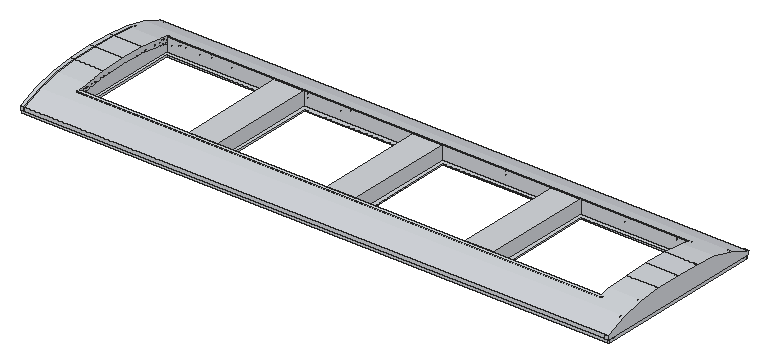
Revit family "Gira_0214326", category Electrical Fixtures, host Face, Revit 2017
Family settings
  Host = Face
  Maintain Annotation Orientation = No
  Round Connector Dimension = Use Diameter
  Part Type = Normal
  Cut with Voids When Loaded = No
  Shared = No
  Room Calculation Point = No
Parameters (values of type "Abdeckrahmen 4f Zwischenr. RW Gira Event F Alu")
  Werkstoffgüte = "Thermoplast"
  Werkstoff = "Kunststoff"
  URL = "http://katalog.gira.de/de_DE/datenblatt.html?artikelnr=0214326"
  Transparent = "No"
  Textfeld/Beschriftungsfläche = "No"
  Schutzart (IP) = "IP20"
  Region = "DE"
  Oberfläche = "sonstige"
  Name = "Abdeckrahmen 4f Zwischenr. RW Gira Event F Alu"
  Montagerichtung = "horizontal und vertikal"
  Mit Montagerahmen = "No"
  Mit Klappdeckel = "No"
  Manufacturer URL = "https://www.gira.de/"
  Keynote = "Event_Rahmen_4fach"
  HeinzeBIM = "https://bimportal.heinze.de/bim/abdeckrahmen-4f-zwischenr-rw-gira-event-f-alu/8d687796a5527f9dbcc757b7760fb5477475ffd4"
  Halogenfrei = "Yes"
  HAN = "0214326"
  Geeignet für Unterputz-Installation = "Yes"
  Geeignet für Unterflurkanaldose = "No"
  Geeignet für Geräteeinbaukanal = "No"
  Geeignet für Einbauinstallation = "No"
  GTIN = "4010337074359"
  Farbe = "aluminium"
  Default Elevation = 1219.2 mm
  Data sheet (1) = "https://katalog.gira.de/de_DE/download.html?artikelnr=0214326"
  Category = "Abdeckrahmen"
  Befestigungsart = "Klemmbefestigung"
  Available = "Yes"
  Anzahl der Einheiten vertikal = "4 "
  Anzahl der Einheiten horizontal = "4 "
  Anzahl der Einheiten = "4 "
Reference planes
  plane 1 "Center (Front/Back)": y = 0
  plane 2: z = 0
  plane 3 "Center (Left/Right)": x = 0
Forms (mm)
  Extrusion 1, solid, detail levels fine
    sketch origin (0, 0, 0.05) x (0, 1, 0) y (0, 0, 1)
      loop
        arc (12.445, 9.683) -> (6.223, 9.833) -> (0, 9.85) r 291.636
        arc (0, 9.85) -> (-6.223, 9.833) -> (-12.445, 9.683) r 291.636
        arc (-12.445, 9.683) -> (-29.14, 7.482) -> (-45, 1.823) r 79.728
        line (-45, 1.823) -> (-45, -0.05) -> (-42.086, -0.05)
        arc (-42.086, -0.05) -> (-21.385, 5.559) -> (0, 7.206) r 114.424
        arc (0, 7.206) -> (21.385, 5.559) -> (42.086, -0.05) r 114.424
        line (42.086, -0.05) -> (45, -0.05) -> (45, 1.823)
        arc (45, 1.823) -> (29.14, 7.482) -> (12.445, 9.683) r 79.728
    from -151.95 to 151.935
  Extrusion 2, void, detail levels fine
    sketch origin (0, 0, 0) x (1, 0, 0) y (0, 1, 0)
      loop
        line (134.95, 28.035) -> (-134.95, 28.035) -> (-134.95, -28.035) -> (134.95, -28.035) -> (134.95, 28.035)
    from 0.724 to 11
  Extrusion 3, solid, detail levels coarse
    sketch origin (0, 0, 0) x (1, 0, 0) y (0, 1, 0)
      loop
        line (-151.95, 45) -> (-151.95, -45) -> (151.935, -45) -> (151.935, 45) -> (-151.95, 45)
    from -1.5 to 9.9
  Extrusion 4, solid, detail levels medium
    sketch origin (0, 0, 0.05) x (0, 1, 0) y (0, 0, 1)
      loop
        arc (12.445, 9.683) -> (6.223, 9.833) -> (0, 9.85) r 291.636
        arc (0, 9.85) -> (-6.223, 9.833) -> (-12.445, 9.683) r 291.636
        arc (-12.445, 9.683) -> (-29.14, 7.482) -> (-45, 1.823) r 79.728
        line (-45, 1.823) -> (-45, -0.05) -> (45, -0.05) -> (45, 1.823)
        arc (45, 1.823) -> (29.14, 7.482) -> (12.445, 9.683) r 79.728
    from -151.95 to 151.935
  Extrusion 5, solid, detail levels fine
    sketch origin (-106.95, 0, -1.5) x (0, 1, 0) y (0, 0, -1)
      loop
        line (45, -3.373) -> (45, -1.5) -> (-45, -1.5) -> (-45, -3.373)
        arc (-45, -3.373) -> (-29.14, -9.032) -> (-12.445, -11.233) r 79.728
        arc (-12.445, -11.233) -> (-6.223, -11.383) -> (0, -11.4) r 291.636
        arc (0, -11.4) -> (6.223, -11.383) -> (12.445, -11.233) r 291.636
        arc (12.445, -11.233) -> (29.14, -9.032) -> (45, -3.373) r 79.728
    from 43 to 45
  Extrusion 6, solid, detail levels fine
    sketch origin (0, 0, 0) x (1, 0, 0) y (0, 1, 0)
      loop
        line (-132.85, 25.7) -> (-132.85, -25.7) -> (-81.05, -25.7) -> (-81.05, 25.7) -> (-132.85, 25.7)
      loop
        line (-9.755, -25.7) -> (-9.755, 25.7) -> (-61.555, 25.7) -> (-61.555, -25.7) -> (-9.755, -25.7)
      loop
        line (-135.845, 28.49) -> (-135.845, -28.495)
        spline (-135.845, -28.495) -> (-135.836, -28.625) -> (-135.811, -28.754) -> (-135.769, -28.878) -> (-135.711, -28.995) -> (-135.638, -29.104) -> (-135.552, -29.202) -> (-135.454, -29.288) -> (-135.345, -29.361) -> (-135.228, -29.419) -> (-135.104, -29.461) -> (-134.975, -29.486) -> (-134.845, -29.495)
        line (-134.845, -29.495) -> (134.845, -29.495)
        spline (134.845, -29.495) -> (134.975, -29.486) -> (135.104, -29.461) -> (135.228, -29.419) -> (135.345, -29.361) -> (135.454, -29.288) -> (135.552, -29.202) -> (135.638, -29.104) -> (135.711, -28.995) -> (135.769, -28.878) -> (135.811, -28.754) -> (135.836, -28.625) -> (135.845, -28.495)
        line (135.845, -28.495) -> (135.845, 28.49)
        spline (135.845, 28.49) -> (135.836, 28.62) -> (135.811, 28.748) -> (135.769, 28.872) -> (135.711, 28.99) -> (135.638, 29.098) -> (135.552, 29.197) -> (135.454, 29.283) -> (135.345, 29.356) -> (135.228, 29.413) -> (135.104, 29.456) -> (134.975, 29.481) -> (134.845, 29.49)
        line (134.845, 29.49) -> (-134.845, 29.49)
        spline (-134.845, 29.49) -> (-134.975, 29.481) -> (-135.104, 29.456) -> (-135.228, 29.413) -> (-135.345, 29.356) -> (-135.454, 29.283) -> (-135.552, 29.197) -> (-135.638, 29.098) -> (-135.711, 28.99) -> (-135.769, 28.872) -> (-135.811, 28.748) -> (-135.836, 28.62) -> (-135.845, 28.49)
      loop
        line (61.545, -25.7) -> (61.545, 25.7) -> (9.745, 25.7) -> (9.745, -25.7) -> (61.545, -25.7)
      loop
        line (132.85, -25.7) -> (132.85, 25.7) -> (81.05, 25.7) -> (81.05, -25.7) -> (132.85, -25.7)
    from 0.1 to 7.3
  Extrusion 7, solid
    sketch origin (0, 0, 0) x (1, 0, 0) y (0, 1, 0)
      loop
        arc (-151.65, -44.218) -> (-151.504, -44.572) -> (-151.15, -44.718) r 0.5
        line (-151.15, -44.718) -> (151.15, -44.718)
        arc (151.15, -44.718) -> (151.504, -44.572) -> (151.65, -44.218) r 0.5
        line (151.65, -44.218) -> (151.65, 44.182)
        arc (151.65, 44.182) -> (151.504, 44.535) -> (151.15, 44.682) r 0.5
        line (151.15, 44.682) -> (-151.15, 44.682)
        arc (-151.15, 44.682) -> (-151.504, 44.535) -> (-151.65, 44.182) r 0.5
        line (-151.65, 44.182) -> (-151.65, -44.218)
      loop
        line (-149.95, 42.982) -> (-149.95, -43.018) -> (149.95, -43.018) -> (149.95, 42.982) -> (-149.95, 42.982)
    from -1.5 to 0.5
  Extrusion 8, solid, detail levels fine
    sketch origin (106.935, 0, -1.5) x (0, 1, 0) y (0, 0, 1)
      loop
        arc (45, 3.373) -> (29.14, 9.032) -> (12.445, 11.233) r 79.728
        arc (12.445, 11.233) -> (6.223, 11.383) -> (0, 11.4) r 291.636
        arc (0, 11.4) -> (-6.223, 11.383) -> (-12.445, 11.233) r 291.636
        arc (-12.445, 11.233) -> (-29.14, 9.032) -> (-45, 3.373) r 79.728
        line (-45, 3.373) -> (-45, 1.5) -> (45, 1.5) -> (45, 3.373)
    from 43 to 45
  Extrusion 9, solid, detail levels medium
    sketch origin (0, 0, 0) x (1, 0, 0) y (0, 1, 0)
      loop
        line (-151.65, -44.718) -> (151.65, -44.718) -> (151.65, 44.682) -> (-151.65, 44.682) -> (-151.65, -44.718)
    from -1.5 to 0.5
  Extrusion 10, solid, detail levels fine
    sketch origin (-69.857, 0, 0) x (1, 0, 0) y (0, 1, 0)
      loop
        line (-8.943, 28.063) -> (-8.943, -27.937) -> (6.057, -27.937) -> (6.057, 28.063) -> (-8.943, 28.063)
    from 0.724 to 7.566
  Extrusion 11, solid, detail levels fine
    sketch origin (-1.443, 0, 0) x (-1, 0, 0) y (0, -1, 0)
      loop
        line (-8.943, -28.063) -> (6.057, -28.063) -> (6.057, 27.937) -> (-8.943, 27.937) -> (-8.943, -28.063)
    from 0.724 to 7.566
  Extrusion 12, solid, detail levels fine
    sketch origin (69.857, 0, 0) x (-1, 0, 0) y (0, -1, 0)
      loop
        line (-8.943, -28.063) -> (6.057, -28.063) -> (6.057, 27.937) -> (-8.943, 27.937) -> (-8.943, -28.063)
    from 0.724 to 7.566
Cuts and joins
  Extrusion 2 cuts Extrusion 1
  Extrusion 2 cuts Extrusion 6
Dimensions and locks
  aligned and locked: plane 2 to host face
  aligned and locked: level to host face
